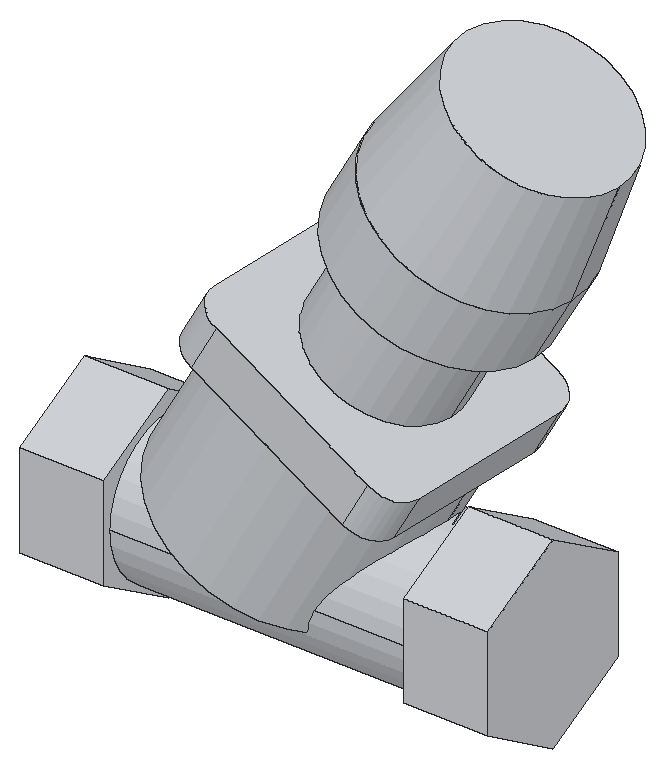
Revit family "OPTIMA_Compact_FF_DN15_2,5_RFA_2019", category Pipe Accessories, Revit 2019
Family settings
  Round Connector Dimension = Use Diameter
  Part Type = Valve - Breaks Into
  Work Plane-Based = No
  Always vertical = Yes
  Cut with Voids When Loaded = No
  Shared = No
Parameters (values of type "OPTIMA Compact DN15 F-F 2.5mm")
  magiProductId = "1f59e983221c4705b905dca277ac1b"
  magiProductFamilyId = "52eeb9fa0c9d42c987a78ea14b42d3"
  magiPartTypeId = 304
  isMeasuringValve [instance] = no
  ang2D [instance] = 0.00°
  Z = 0 mm
  X = 7 mm
  W2D = 32 mm
  VersionID = "2.0/2018.8.28.1/FRESE_OPTIMA-COMPACT-FF_001"
  Use Minimum Symbol Size [instance] = yes
  URL = "www.hydronic.cz"
  Type Comments = "vnitřní závit; PN25; 0~120°C, bez měřicích vsuvek"
  R9 = 8 mm
  R8 = 14 mm
  R7 = 17 mm
  R6 = 12 mm
  R5 = 5 mm
  R4 = 19 mm
  R3 = 19 mm
  R2 = 12 mm
  R1 = 15 mm
  QmdConnectorList = "301;D;302;D"
  Productdata [instance] = ""
  PLG0 = no
  Manufacturer = "Hydronic Systems Prague s.r.o."
  MC Product Code = "53-1344  (1/2\" F-F; 2.5mm; Qmin-dpmin 100l/h-14.9kPa; Qmax-dpmin 575l/h-18.5kPa; dpmax 800kPa)"
  MC Piping Given Pressure Drop [instance] = 0.0 Pa
  LL = 37.5 mm
  L3 = 11 mm
  L2D_Min = 3048 mm
  L2D = 104 mm
  L2 = 48 mm
  L1__ve = -L1  # -13.5 mm
  L1 = 13.5 mm
  H6__ve = -H6  # -57 mm
  H6 = 57 mm
  H5 = 20 mm
  H4 = 12 mm
  H3 = 18 mm
  H2 = 8 mm
  H1 = 26 mm
  Description = "Tlakově nezávislý 2-cestný regulační vyvažovací ventil (PICV)"
  D = 15 mm
  CenSd_R1_6 = R1 * cos(30.00°)  # 12.99 mm
  A = 30.00°
Types (6, lengths in mm): name | magiProductId | Z | X | R4 | R3 | R2 | R1 | MC Product Code | LL | L3 | L2 | L1__ve | L1 | H6__ve | H6 | H3 | H2 | H1 | D | CenSd_R1_6
  OPTIMA Compact DN32 F-F 5.5mm | "b339906595e54d959f7e36e14a5078" | 1 | 13 | 29 | 31.5 | 22 | 26 | "53-1354  (5/4\" F-F; 5.5mm; Qmin-dpmin 550l/h-17.9kPa; Qmax-dpmin 4001l/h-28.0kPa; dpmax 800kPa)" | 52 | 12.5 | 66.56 | -18.72 | 18.72 | -68 | 68 | 16 | 10 | 46 | 32 | 22.517
  OPTIMA Compact DN15 F-F 2.5mm | "1f59e983221c4705b905dca277ac1b" | 0 | 7 | 19 | 19 | 12 | 15 | "53-1344  (1/2\" F-F; 2.5mm; Qmin-dpmin 100l/h-14.9kPa; Qmax-dpmin 575l/h-18.5kPa; dpmax 800kPa)" | 37.5 | 11 | 48 | -13.5 | 13.5 | -57 | 57 | 18 | 8 | 26 | 15 | 12.99
  OPTIMA Compact DN15 F-F 5.0mm | "ed735bb751334d9b9367ccb2001bd8" | 0 | 7 | 19 | 19 | 12 | 15 | "53-1345  (1/2\" F-F; 5.0mm; Qmin-dpmin 220l/h-16.0kPa; Qmax-dpmin 1330l/h-21.6Pa; dpmax 800kPa)" | 37.5 | 11 | 48 | -13.5 | 13.5 | -57 | 57 | 18 | 8 | 26 | 15 | 12.99
  OPTIMA Compact DN20 F-F 5.0mm | "3fe8f468b8a34e8b9375925b2f5228" | 0 | 10 | 19 | 19 | 13.5 | 17.5 | "53-1348  (3/4\" F-F; 5.0mm; Qmin-dpmin 220l/h-16.0kPa; Qmax-dpmin 1330l/h-21.6Pa; dpmax 800kPa)" | 39.5 | 11 | 50.56 | -14.22 | 14.22 | -59.5 | 59.5 | 18 | 8 | 26 | 20 | 15.155
  OPTIMA Compact DN20 F-F 5.5mm | "3f04956b0a9346f48e327241883a91" | 0 | 10 | 19 | 19 | 13.5 | 17.5 | "53-1318  (3/4\" F-F; 5.5mm; Qmin-dpmin 300l/h-17.8kPa; Qmax-dpmin 1800l/h-40.0Pa; dpmax 800kPa)" | 39.5 | 11 | 50.56 | -14.22 | 14.22 | -59.5 | 59.5 | 18 | 8 | 26 | 20 | 15.155
  OPTIMA Compact DN25 F-F 5.5mm | "a6a3417af38f4ebebee56b059e5e27" | 0 | 13 | 29 | 31.5 | 18.5 | 22 | "53-1353  (1\" F-F; 5.5mm; Qmin-dpmin 600l/h-17.3kPa; Qmax-dpmin 3609l/h-23.0Pa; dpmax 800kPa)" | 50 | 12.5 | 64 | -18 | 18 | -64 | 64 | 16 | 10 | 43 | 25 | 19.053
Reference planes
  plane 1 "Center (Front/Back)": y = 0
  plane 2 "XYPLANE": z = 0
  plane 3 "Center (Left/Right)": x = 0
  plane 4 "267": x = 11
  plane 5 "266": x = -11
  plane 6 "252": through (-607.519, 0, 447.746) normal (0.5, 0, 0.866)
  plane 7 "250": through (-617.519, 0, 430.426) normal (0.5, 0, 0.866)
  plane 8 "248": through (-623.519, 0, 420.033) normal (0.5, 0, 0.866)
  plane 9 "245": through (-632.519, 0, 404.445) normal (0.5, 0, 0.866)
  plane 10 "241": through (352.483, 0, 662.519) normal (0.866, 0, -0.5)
  plane 11 "240": through (385.392, 0, 643.519) normal (0.866, 0, -0.5)
  plane 12 "239": y = -19
  plane 13 "238": y = 19
  plane 14 "237": through (-636.519, 0, 397.517) normal (0.5, 0, 0.866)
  plane 15 "235": through (-649.519, 0, 375) normal (0.5, 0, 0.866)
  plane 16 "231": y = 0
  plane 17 "230": through (368.938, 0, 653.019) normal (0.866, 0, -0.5)
  plane 18 "211": x = -24
  plane 19 "204": x = 37.5
  plane 20 "203": x = -37.5
  plane 21 "202": x = 0
  plane 22 "201": z = 0
  plane 23 "200": y = 0
  plane 24 "227XY": through (-649.519, 0, 375) normal (0.5, 0, 0.866)
  plane 25 "227XZ": y = 0
  plane 26 "227YZ": through (375, 0, 649.519) normal (0.866, 0, -0.5)
Forms (mm)
  Extrusion 1, solid
    sketch origin (37.5, -750, 0) x (0, 1, 0) y (0, 0, 1)
      loop
        line (750, 15) -> (737.01, 7.5) -> (737.01, -7.5) -> (750, -15) -> (762.99, -7.5) -> (762.99, 7.5) -> (750, 15)
    from 0 to -13.5 <- "L1__ve"
  Extrusion 2, solid
    sketch origin (-37.5, -750, 0) x (0, 1, 0) y (0, 0, 1)
      loop
        line (750, 15) -> (737.01, 7.5) -> (737.01, -7.5) -> (750, -15) -> (762.99, -7.5) -> (762.99, 7.5) -> (750, 15)
    from 0 to 13.5 <- "L1"
  Extrusion 3, solid, visible <- "PLG0"
    sketch origin (-750, 0, 0) x (1, 0, 0) y (0, 1, 0)
      loop
        circle (761, 0) r 8
    from 0 to -57 <- "H6__ve"
  Extrusion 4, solid, visible <- "PLG0"
    sketch origin (-750, 0, 0) x (1, 0, 0) y (0, 1, 0)
      loop
        circle (739, 0) r 8
    from 0 to -57 <- "H6__ve"
  Blend 5, solid
    base sketch origin (-617.519, 0, 430.426) x (0.866025, 0, -0.5) y (0, 1, 0)
      loop
        circle (743, 0) r 17
    top sketch origin (-617.519, 0, 430.426) x (0.866025, 0, -0.5) y (0, 1, 0)
      loop
        circle (743, 0) r 14
    from 0 to 20
  Extrusion 6, solid
    sketch origin (-623.519, 0, 420.033) x (0.866025, 0, -0.5) y (0, 1, 0)
      loop
        circle (743, 0) r 17
    from 0 to 12 <- "H4"
  Extrusion 7, solid
    sketch origin (-632.519, 0, 404.445) x (0.866025, 0, -0.5) y (0, 1, 0)
      loop
        circle (743, 0) r 12
    from 0 to 18 <- "H3"
  Extrusion 8, solid
    sketch origin (-636.519, 0, 397.517) x (0.866025, 0, -0.5) y (0, 1, 0)
      loop
        arc (729, 19) -> (725.464, 17.536) -> (724, 14) r 5
        line (724, 14) -> (724, -14)
        arc (724, -14) -> (725.464, -17.536) -> (729, -19) r 5
        line (729, -19) -> (757, -19)
        arc (757, -19) -> (760.536, -17.536) -> (762, -14) r 5
        line (762, -14) -> (762, 14)
        arc (762, 14) -> (760.536, 17.536) -> (757, 19) r 5
        line (757, 19) -> (729, 19)
    from 0 to 8 <- "H2"
  Extrusion 9, solid
    sketch origin (-649.519, 0, 375) x (0.866025, 0, -0.5) y (0, 1, 0)
      loop
        circle (743, 0) r 19
    from 0 to 26 <- "H1"
  Extrusion 10, solid
    sketch origin (-24, -750, 0) x (0, 1, 0) y (0, 0, 1)
      loop
        circle (750, 0) r 12
    from 0 to 48 <- "L2"
  Extrusion 11, solid, not visible
    sketch origin (37.5, -750, 0) x (0, 1, 0) y (0, 0, 1)
      loop
        circle (750, 0) r 10
    from 0 to -10
  Extrusion 12, solid, not visible
    sketch origin (-37.5, -750, 0) x (0, 1, 0) y (0, 0, 1)
      loop
        circle (750, 0) r 10
    from 0 to 10
Lines and regions (mm)
  reference lines, not visible
    curve 1: circle (2, 2, 0) r 1 normal (0, 0, 1)
  reference lines
    curve 2: line (37.5, 0, 0) -> (37.5, -11.258, -6.5)
    curve 3: line (37.5, 0, 0) -> (37.5, 0, -13)
    curve 4: line (37.5, 0, 0) -> (37.5, 11.258, -6.5)
    curve 5: line (-37.5, 0, 0) -> (-37.5, 11.258, -6.5)
    curve 6: line (-37.5, 0, 0) -> (-37.5, 0, -13)
    curve 7: line (-37.5, 0, 0) -> (-37.5, -11.258, -6.5)
Dimensions and locks
  plane 1 "Center (Front/Back)" to curve 1 = 2 mm
  "L3": plane 3 "Center (Left/Right)" to plane 4 "267"
  "L3": plane 3 "Center (Left/Right)" to plane 5 "266"
  "H5": plane 7 "250" to plane 6 "252"
  "H4": plane 8 "248" to plane 7 "250"
  "H3": plane 9 "245" to plane 8 "248"
  "H2": plane 14 "237" to plane 9 "245"
  "R4": plane 17 "230" to plane 10 "241"
  "R4": plane 17 "230" to plane 11 "240"
  "R4": plane 23 "200" to plane 12 "239"
  "R4": plane 23 "200" to plane 13 "238"
  "H1": plane 15 "235" to plane 14 "237"
  "Z": plane 24 "227XY" to plane 15 "235"
  locked: plane 23 "200" to plane 16 "231"
  "X": plane 26 "227YZ" to plane 17 "230"
  "L1": plane 20 "203" to plane 18 "211"
  "LL": plane 3 "Center (Left/Right)" to plane 19 "204"
  "LL": plane 3 "Center (Left/Right)" to plane 20 "203"
  locked: plane 3 "Center (Left/Right)" to plane 21 "202"
  locked: plane 2 "XYPLANE" to plane 22 "201"
  locked: plane 1 "Center (Front/Back)" to plane 23 "200"
  "CenSd_R1_6": curve 2 to Extrusion 1 sketch curve  (x2)
  "CenSd_R1_6": curve 3 to Extrusion 1 sketch curve  (x2)
  "CenSd_R1_6": curve 4 to Extrusion 1 sketch curve  (x2)
  Extrusion 1 sketch curve to Extrusion 1 sketch curve = 0 mm  (x12)
  "CenSd_R1_6": curve 5 to Extrusion 2 sketch curve  (x2)
  "CenSd_R1_6": curve 6 to Extrusion 2 sketch curve  (x2)
  "CenSd_R1_6": curve 7 to Extrusion 2 sketch curve  (x2)
  Extrusion 2 sketch curve to Extrusion 2 sketch curve = 0 mm  (x12)
  Extrusion 8 sketch curve to Extrusion 8 sketch curve = 0 mm  (x16)
  "R9": radius of Extrusion 3 sketch curve
  "R9": radius of Extrusion 4 sketch curve
  "R8": radius of Blend 5 sketch curve
  "R7": radius of Blend 5 sketch curve
  "R7": radius of Extrusion 6 sketch curve
  "R6": radius of Extrusion 7 sketch curve
  "R5": radius of Extrusion 8 sketch curve  (x4)
  "R3": radius of Extrusion 9 sketch curve
  "R2": radius of Extrusion 10 sketch curve
  locked: curve 3 to curve 2 (angle 60.00°)
  locked: curve 4 to curve 3 (angle 60.00°)
  locked: curve 4 to curve 2 (angle 120.00°)
  locked: curve 6 to curve 5 (angle 60.00°)
  locked: curve 7 to curve 6 (angle 60.00°)
  locked: curve 7 to curve 5 (angle 120.00°)
  aligned and locked: level to plane 2 "XYPLANE"
  aligned and locked: plane 22 "201" to curve 4
  aligned and locked: curve 4 to plane 23 "200"
  aligned and locked: plane 22 "201" to curve 7
  aligned and locked: curve 7 to plane 23 "200"
  aligned and locked: plane 4 "267" to Extrusion 3 sketch curve
  aligned and locked: plane 23 "200" to Extrusion 3 sketch curve
  aligned and locked: plane 5 "266" to Extrusion 4 sketch curve
  aligned and locked: plane 23 "200" to Extrusion 4 sketch curve
  aligned and locked: plane 16 "231" to Blend 5 sketch curve  (x2)
  aligned and locked: Blend 5 sketch curve to plane 17 "230"  (x2)
  aligned and locked: plane 6 "252" to Blend 5
  aligned and locked: plane 16 "231" to Extrusion 6 sketch curve
  aligned and locked: Extrusion 6 sketch curve to plane 17 "230"
  aligned and locked: plane 16 "231" to Extrusion 7 sketch curve
  aligned and locked: Extrusion 7 sketch curve to plane 17 "230"
  aligned and locked: Extrusion 8 sketch curve to plane 10 "241"
  aligned and locked: Extrusion 8 sketch curve to plane 12 "239"
  aligned and locked: Extrusion 8 sketch curve to plane 11 "240"
  aligned and locked: plane 13 "238" to Extrusion 8 sketch curve
  aligned and locked: plane 16 "231" to Extrusion 9 sketch curve
  aligned and locked: Extrusion 9 sketch curve to plane 17 "230"
  aligned and locked: plane 22 "201" to Extrusion 10 sketch curve
  aligned and locked: Extrusion 10 sketch curve to plane 23 "200"
  aligned and locked: plane 22 "201" to Extrusion 11 sketch curve
  aligned and locked: Extrusion 11 sketch curve to plane 23 "200"
  aligned and locked: plane 22 "201" to Extrusion 12 sketch curve
  aligned and locked: Extrusion 12 sketch curve to plane 23 "200"
Automatic sketch dimensions
  plane 1 "Center (Front/Back)" to Extrusion 11 sketch curve = 10 mm
  plane 1 "Center (Front/Back)" to Extrusion 12 sketch curve = 10 mm
  plane 3 "Center (Left/Right)" to curve 1 = 2 mm
  radius of curve 1 = 1 mm
Connectors
  piping at (-37.5, 0, 0), diameter 15, driven by "D"
    settings: on Extrusion 12, index 1, connector inside diameter 609.6 mm, connector length 0 mm, flow factor 0, pipe flow 0.0 L/s, pressure drop 0.0 Pa, fitting loss kfactor 0, connector angle 0.00°, fixture units 0, engagement length 0 mm, angle of deflection 0.00°, flow configuration 0, flow direction 0, fitting loss method 0, system type 29, joint type 0, gender type 0, connector reference index 2, connector utility 0, adjustable connector no, is connector primary yes, connector description ""
  piping at (37.5, 0, 0), diameter 15, driven by "D"
    settings: on Extrusion 11, index 2, connector inside diameter 609.6 mm, connector length 0 mm, flow factor 0, pipe flow 0.0 L/s, pressure drop 0.0 Pa, fitting loss kfactor 0, connector angle 0.00°, fixture units 0, engagement length 0 mm, angle of deflection 0.00°, flow configuration 0, flow direction 0, fitting loss method 0, system type 29, joint type 0, gender type 0, connector reference index 1, connector utility 0, adjustable connector no, is connector primary no, connector description ""
